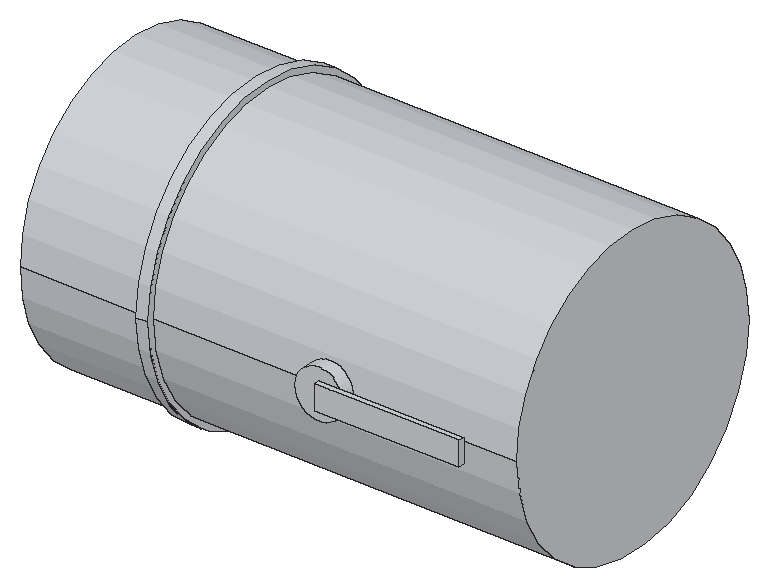
Revit family "M_Encaixe de duto redondo com abafador", category Conexões de duto, Revit 2019
Family settings
  Cota do conector redondo = Usar raio
  Tipo de parte = Derivação - Ajustável
  Número OmniClass = 23.75.70.14
  Título OmniClass = Air Ductwork
  ID de item do Seek = Round Takeoff with Damper-0000-CAN-ENU
  Com base no plano de trabalho = Não
  Sempre na vertical = Sim
  Corte com vazios quando carregada = Não
  Compartilhado = Não
Parameters (values of type "Padrão")
  built-in parameter 1114214 [instance] = 125 mm
  built-in parameter 1114213 [instance] = 390 mm
  built-in parameter 1114215 [instance] = if(Diâmetro do duto > 400 mm, Diâmetro do duto, 390 mm)  # 1.2795 (stored number, unit not read)
  Raio 2 [instance] = Largura do puxador  # 25 mm
  Raio 1 [instance] = Raio do duto + 6 mm  # 156 mm
  Comprimento 3 [instance] = Comprimento 2 + Altura do puxador  # 168.5 mm
  Comprimento 2 [instance] = Comprimento 1 + Raio do duto  # 162.5 mm
  Comprimento 1 [instance] = 12.5 mm
  Largura do puxador [instance] = 25 mm
  Comprimento do puxador [instance] = 150 mm
  Altura do puxador [instance] = 6 mm
  Espessura da borda da cantoneira [instance] = 12.5 mm
  Raio da cantoneira de borda [instance] = Raio do duto + Extensão da cantoneira de borda  # 156 mm
  Extensão da cantoneira de borda [instance] = 6 mm
  Raio do duto [instance] = 150 mm
  Comprimento do duto 1 [instance] = Raio do duto + 75 mm  # 225 mm
  Diâmetro do duto [instance] = Raio do duto * 2  # 300 mm
Reference planes
  plane 1 "Centro (Frente/Trás)": y = 0
  plane 2: z = 0
  plane 3 "Centro (Esquerda/Direita)": x = 0
  plane 4: x = 390
  plane 5: x = -125
  plane 6: x = 195
  plane 7: y = -168.5
Forms (mm)
  Extrusion 1, solid, detail levels medium+fine
    sketch origin (0, 0, 0) x (0, 1, 0) y (0, 0, 1)
      loop
        circle (0, 0) r 150
    from 0 to 390
  Extrusion 2, solid, detail levels medium+fine
    sketch origin (-125, 1599.471, 1219.2) x (0, 1, 0) y (0, 0, 1)
      loop
        circle (-1599.471, -1219.2) r 150
    from 0 to 125
  Extrusion 3, solid, detail levels medium+fine
    sketch origin (0, 0, 0) x (0, 1, 0) y (0, 0, 1)
      loop
        circle (0, 0) r 156
    from 0 to 12.5
  Extrusion 4, solid, detail levels medium+fine
    sketch origin (0, 0, 0) x (1, 0, 0) y (0, 0, 1)
      loop
        circle (195, 0) r 25
    from 162.5 to 0
  Extrusion 5, solid, detail levels medium+fine
    sketch origin (0, -162.5, 0) x (-1, 0, 0) y (0, 0, 1)
      loop
        line (-345, 12.5) -> (-345, -12.5) -> (-195, -12.5) -> (-195, 12.5) -> (-345, 12.5)
    from 0 to -6
Cuts and joins
  joined: Extrusion 1, Extrusion 3, Extrusion 4
Lines and regions (mm)
  model lines, not visible, detail levels coarse
    curve 1: line (0, 0, 0) -> (390, 0, 0)
  model lines, detail levels coarse
    curve 2: line (195, -168.5, 0) -> (195, 150, 0)
    curve 3: line (195, -168.5, 0) -> (345, -168.5, 0)
Dimensions and locks
  "built-in parameter 1114214": plane 5 to plane 3 "Centro (Esquerda/Direita)"
  "Espessura da borda da cantoneira": plane 3 "Centro (Esquerda/Direita)" to Extrusion 3
  equal spacing: Extrusion 5 sketch curve, plane 2, Extrusion 5 sketch curve
  "Largura do puxador": Extrusion 5 sketch curve to Extrusion 5 sketch curve
  "Comprimento do puxador": Extrusion 5 sketch curve to Extrusion 5 sketch curve
  "Comprimento 3": plane 7 to plane 1 "Centro (Frente/Trás)"
  "Raio do duto": plane 1 "Centro (Frente/Trás)" to curve 2
  "Comprimento 2": cut or joined group of Extrusion 1, Extrusion 3, Extrusion 4 to plane 1 "Centro (Frente/Trás)"
  "Altura do puxador": Extrusion 5 to Extrusion 5
  "Comprimento do puxador": plane 6 to curve 3
  "built-in parameter 1114213": plane 3 "Centro (Esquerda/Direita)" to plane 4
  equal spacing: plane 3 "Centro (Esquerda/Direita)", plane 6, plane 4
  "Raio do duto": radius of Extrusion 1 sketch curve
  "Raio do duto": radius of Extrusion 2 sketch curve
  "Raio da cantoneira de borda": radius of Extrusion 3 sketch curve
  "Raio 2": radius of Extrusion 4 sketch curve
  aligned and locked: plane 1 "Centro (Frente/Trás)" to curve 1
  aligned and locked: plane 3 "Centro (Esquerda/Direita)" to curve 1
  aligned and locked: plane 2 to Extrusion 1 sketch curve
  aligned and locked: plane 1 "Centro (Frente/Trás)" to Extrusion 1 sketch curve
  aligned and locked: Extrusion 1 to plane 3 "Centro (Esquerda/Direita)"
  aligned and locked: plane 2 to Extrusion 2 sketch curve
  aligned and locked: plane 1 "Centro (Frente/Trás)" to Extrusion 2 sketch curve
  aligned and locked: plane 3 "Centro (Esquerda/Direita)" to Extrusion 2
  aligned and locked: Extrusion 2 to plane 5
  aligned and locked: plane 1 "Centro (Frente/Trás)" to Extrusion 3 sketch curve
  aligned and locked: plane 2 to Extrusion 3 sketch curve
  aligned and locked: Extrusion 3 to plane 3 "Centro (Esquerda/Direita)"
  aligned and locked: plane 2 to Extrusion 4 sketch curve
  aligned and locked: plane 6 to Extrusion 4 sketch curve
  aligned and locked: plane 1 "Centro (Frente/Trás)" to Extrusion 4
  aligned and locked: plane 6 to Extrusion 5 sketch curve
  aligned and locked: cut or joined group of Extrusion 1, Extrusion 3, Extrusion 4 to Extrusion 5
  aligned and locked: Extrusion 5 to plane 7
  aligned and locked: plane 6 to curve 3
  aligned and locked: plane 4 to Extrusion 1
  aligned and locked: plane 4 to curve 1
Automatic sketch dimensions
  curve 2 to plane 6 = 0 mm
  curve 2 to plane 7 = 0 mm
  curve 3 to level = 0 mm
  curve 3 to plane 6 = 0 mm
  curve 3 to plane 4 = 45 mm
Connectors
  hvac at (0, 0, 0), driven by "Raio do duto"
    settings: on cut or joined group of Extrusion 1, Extrusion 3, Extrusion 4, index 1, duct flow 0.0 L/s, flow factor 0, pres drop 0.0 Pa, loss coef 0, conn angle 0.00°, conn width 304.8 mm, conn height 304.8 mm, conn diameter 300 mm, duct sys type 28, conn prof type 0, flow config 0, flow direction 0, loss method 0, conn ref index 2, conn util no, is conn primary yes, conn desc ""
  hvac at (390, 0, 0), driven by "Raio do duto"
    settings: on cut or joined group of Extrusion 1, Extrusion 3, Extrusion 4, index 2, duct flow 0.0 L/s, flow factor 0, pres drop 0.0 Pa, loss coef 0, conn angle 0.00°, conn width 304.8 mm, conn height 304.8 mm, conn diameter 300 mm, duct sys type 28, conn prof type 0, flow config 0, flow direction 0, loss method 0, conn ref index 1, conn util no, is conn primary no, conn desc ""
